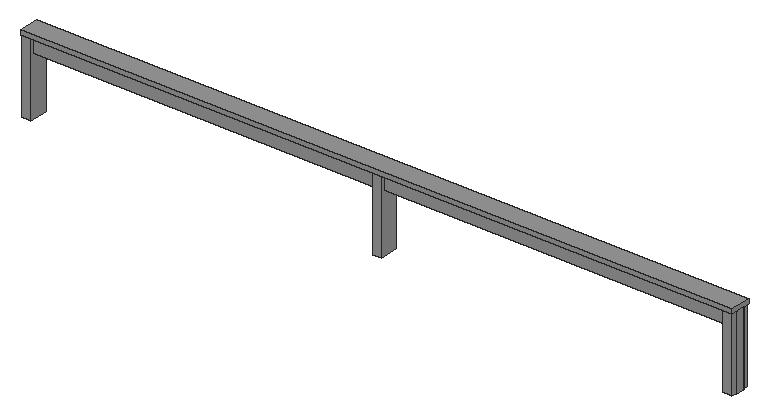
Revit family "GD10 3000-4000 Shelf", category Furniture, Revit 2019
Family settings
  OmniClass Number = 23.40.20.00
  OmniClass Title = General Furniture and Specialties
  Work Plane-Based = No
  Always vertical = Yes
  Cut with Voids When Loaded = No
  Shared = No
  Room Calculation Point = No
Parameters (values of type "4000 Light")
  Width = 4000 mm
  URL = "www.gof.co.uk"
  Range = "GD10"
  Product Code = "4000 Light"
  Manufacturer = "Gresham Office Furniture"  # constant formula
  Light = Gresham -LIGHT
  Height = 742 mm
  Frame = Gresham - SOLID OAK
  Depth = 900 mm
  Assembly Code = "E2020200"
Types (3, lengths in mm): name | Width | Product Code
  (no name) | 4000 | "4000 Light"
  3000 Light | 3000 | "3000 Light"
  4000 Light | 4000 | "4000 Light"
Reference planes
  plane 1 "Center (Front/Back)": y = 0
  plane 2: z = 0
  plane 3 "Center (Left/Right)": x = 0
  plane 4: x = 2000
  plane 5: x = -2000
  plane 6: y = 450
  plane 7: y = -450
  plane 8 "Table Underside": z = 717
  plane 9 "Height": z = 742
  plane 10 "Shelf Height": z = 1197
Forms (mm)
  Extrusion 1, solid, material "Gresham - SOLID OAK" <- "Frame"
    sketch origin (1921.939, -1524, 742) x (0, -1, 0) y (-1, 0, 0)
      loop
        line (-1474, -3.061) -> (-1474, 46.939) -> (-1574, 46.939) -> (-1574, -3.061) -> (-1547.008, -3.061) -> (-1547.008, -4.37)
        arc (-1547.008, -4.37) -> (-1546.612, -5.427) -> (-1545.618, -5.963) r 1.607
        line (-1545.618, -5.963) -> (-1502.382, -5.963)
        arc (-1502.382, -5.963) -> (-1501.388, -5.427) -> (-1500.992, -4.37) r 1.607
        line (-1500.992, -4.37) -> (-1500.992, -3.061) -> (-1474, -3.061)
      loop
        line (-1474, 1946.939) -> (-1574, 1946.939) -> (-1574, 1896.939) -> (-1474, 1896.939) -> (-1474, 1946.939)
      loop
        line (-1474, 3846.939) -> (-1500.992, 3846.939) -> (-1500.992, 3848.248)
        arc (-1500.992, 3848.248) -> (-1501.388, 3849.305) -> (-1502.382, 3849.841) r 1.607
        line (-1502.382, 3849.841) -> (-1545.618, 3849.841)
        arc (-1545.618, 3849.841) -> (-1546.612, 3849.305) -> (-1547.008, 3848.248) r 1.607
        line (-1547.008, 3848.248) -> (-1547.008, 3846.939) -> (-1574, 3846.939) -> (-1574, 3796.939) -> (-1474, 3796.939) -> (-1474, 3846.939)
    from 0 to -400
  Extrusion 2, solid, material "Gresham - SOLID OAK" <- "Frame"
    sketch origin (1393.524, 0, -115) x (0, 1, 0) y (0, 0, 1)
      loop
        line (-37.5, 1257) -> (-37.5, 1182) -> (-27.5, 1182) -> (-27.5, 1207) -> (27.5, 1207) -> (27.5, 1182) -> (37.5, 1182) -> (37.5, 1257) -> (-37.5, 1257)
    from -1368.524 to 481.476
  Extrusion 3, solid, material "Gresham -LIGHT" <- "Light"
    sketch origin (1393.524, 0, 0) x (0, 1, 0) y (0, 0, 1)
      loop
        line (27.5, 1070) -> (27.5, 1075) -> (-27.5, 1075) -> (-27.5, 1070) -> (27.5, 1070)
    from -1368.524 to 481.476
  Extrusion 4, solid, material "Gresham - SOLID OAK" <- "Frame"
    sketch origin (0, 0, 0) x (0, 1, 0) y (0, 0, 1)
      loop
        line (55, 1167) -> (-55, 1167) -> (-55, 1142) -> (55, 1142) -> (55, 1167)
    from -1927.902 to 1927.902
  Extrusion 5, solid, material "Gresham - SOLID OAK" <- "Frame"
    sketch origin (-1393.524, 0, -115) x (0, 1, 0) y (0, 0, -1)
      loop
        line (-37.5, -1257) -> (37.5, -1257) -> (37.5, -1182) -> (27.5, -1182) -> (27.5, -1207) -> (-27.5, -1207) -> (-27.5, -1182) -> (-37.5, -1182) -> (-37.5, -1257)
    from -1368.524 to 481.476
  Extrusion 6, solid, material "Gresham -LIGHT" <- "Light"
    sketch origin (-1393.524, 0, 0) x (0, 1, 0) y (0, 0, -1)
      loop
        line (27.5, -1070) -> (-27.5, -1070) -> (-27.5, -1075) -> (27.5, -1075) -> (27.5, -1070)
    from -1368.524 to 481.476
Dimensions and locks
  equal spacing: plane 5, plane 3 "Center (Left/Right)", plane 4
  "Width": plane 5 to plane 4
  plane 7 to plane 6 = 900 mm
  "Height": plane 9 "Height" to level
  locked: plane 9 "Height" to plane 8 "Table Underside" at 25
  locked: plane 10 "Shelf Height" to plane 9 "Height" at 455
  locked: Extrusion 1 to Extrusion 1 at 100
  locked: Extrusion 1 to Extrusion 1 at 50
  locked: plane 3 "Center (Left/Right)" to Extrusion 1 at 25
  locked: Extrusion 1 to plane 1 "Center (Front/Back)" at 50
  equal spacing: plane 7, plane 1 "Center (Front/Back)", plane 6
  Extrusion 1 sketch curve to Extrusion 1 sketch curve = 100 mm  (x2)
  locked: Extrusion 2 to Extrusion 2 at 10  (x2)
  locked: Extrusion 2 to Extrusion 2 at 75
  locked: Extrusion 5 to Extrusion 5 at 10  (x2)
  locked: Extrusion 5 to Extrusion 5 at 75
  locked: Extrusion 4 to plane 4 at 72.098
  locked: plane 5 to Extrusion 4 at 72.098
  locked: Extrusion 3 to plane 4 at 125
  locked: plane 5 to Extrusion 6 at 125
  aligned and locked: level to plane 2
  aligned and locked: Extrusion 2 to Extrusion 3
  aligned and locked: Extrusion 6 to Extrusion 5
  aligned and locked: Extrusion 2 to Extrusion 1
Automatic sketch dimensions
  Extrusion 1 sketch curve to plane 1 "Center (Front/Back)" = 50 mm  (x3)
  Extrusion 1 sketch curve to plane 1 "Center (Front/Back)" = 23.008 mm  (x2)
  Extrusion 1 sketch curve to Extrusion 1 sketch curve = 1.39 mm  (x2)
  Extrusion 1 sketch curve to Extrusion 1 sketch curve = 0.218 mm  (x3)
  Extrusion 1 sketch curve to Extrusion 1 sketch curve = 1.607 mm  (x3)
  plane 1 "Center (Front/Back)" to Extrusion 1 sketch curve = 21.4 mm  (x2)
  Extrusion 1 sketch curve to Extrusion 1 sketch curve = 26.992 mm
  plane 1 "Center (Front/Back)" to Extrusion 1 sketch curve = 50 mm
  plane 5 to Extrusion 1 sketch curve = 72.098 mm
  Extrusion 1 sketch curve to Extrusion 1 sketch curve = 1.309 mm  (x3)
  Extrusion 1 sketch curve to Extrusion 1 sketch curve = 50 mm  (x3)
  Extrusion 1 sketch curve to plane 3 "Center (Left/Right)" = 25 mm
  plane 3 "Center (Left/Right)" to Extrusion 1 sketch curve = 25 mm
  Extrusion 1 sketch curve to plane 4 = 125 mm
  plane 1 "Center (Front/Back)" to Extrusion 2 sketch curve = 37.5 mm
  Extrusion 2 sketch curve to Extrusion 2 sketch curve = 10 mm
  Extrusion 2 sketch curve to plane 1 "Center (Front/Back)" = 27.5 mm
  Extrusion 2 sketch curve to plane 1 "Center (Front/Back)" = 37.5 mm
  Extrusion 2 sketch curve to plane 10 "Shelf Height" = 130 mm
  Extrusion 2 sketch curve to Extrusion 2 sketch curve = 0 mm
  Extrusion 2 sketch curve to Extrusion 2 sketch curve = 25 mm
  Extrusion 2 sketch curve to Extrusion 2 sketch curve = 50 mm
  plane 1 "Center (Front/Back)" to Extrusion 3 sketch curve = 27.5 mm
  Extrusion 3 sketch curve to plane 1 "Center (Front/Back)" = 27.5 mm
  Extrusion 3 sketch curve to plane 10 "Shelf Height" = 127 mm
  Extrusion 3 sketch curve to Extrusion 3 sketch curve = 5 mm
  plane 1 "Center (Front/Back)" to Extrusion 4 sketch curve = 55 mm
  Extrusion 4 sketch curve to plane 1 "Center (Front/Back)" = 55 mm
  Extrusion 4 sketch curve to plane 10 "Shelf Height" = 55 mm
  Extrusion 4 sketch curve to Extrusion 4 sketch curve = 25 mm
  plane 1 "Center (Front/Back)" to Extrusion 5 sketch curve = 37.5 mm
  Extrusion 5 sketch curve to Extrusion 5 sketch curve = 10 mm
  Extrusion 5 sketch curve to plane 1 "Center (Front/Back)" = 27.5 mm
  Extrusion 5 sketch curve to plane 1 "Center (Front/Back)" = 37.5 mm
  Extrusion 5 sketch curve to plane 10 "Shelf Height" = 55 mm
  Extrusion 5 sketch curve to Extrusion 5 sketch curve = 50 mm
  Extrusion 5 sketch curve to Extrusion 5 sketch curve = 25 mm  (x2)
  plane 1 "Center (Front/Back)" to Extrusion 6 sketch curve = 27.5 mm
  Extrusion 6 sketch curve to plane 1 "Center (Front/Back)" = 27.5 mm
  Extrusion 6 sketch curve to plane 10 "Shelf Height" = 122 mm
  Extrusion 6 sketch curve to Extrusion 6 sketch curve = 5 mm
